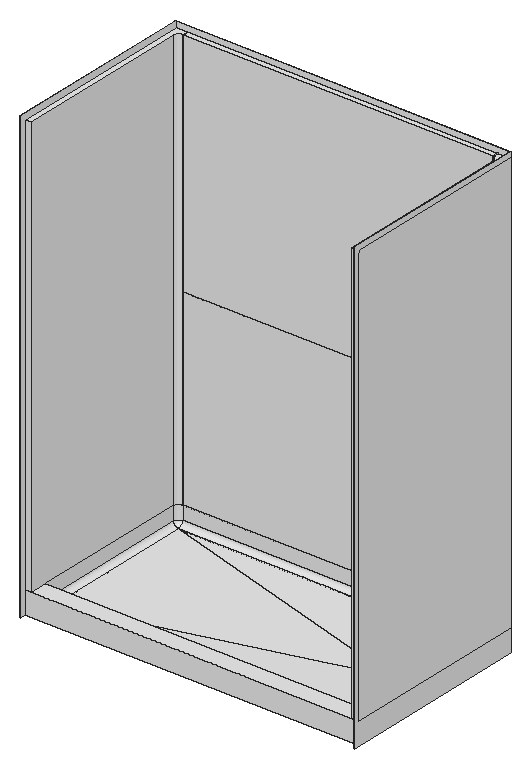
Revit family "5LDS6034FBSQ.V2 L-R", category Plumbing Fixtures, Revit 2019
Family settings
  Round Connector Dimension = Use Diameter
  Part Type = Normal
  OmniClass Number = 23.45.05.14.17
  OmniClass Title = Showers
  Work Plane-Based = No
  Always vertical = Yes
  Cut with Voids When Loaded = No
  Shared = No
  Room Calculation Point = No
Parameters (values of type "5LDS6034FBSQ.V2 L/R")
  Unit Width = 60"
  Unit Height = 80 1/2"
  Unit Depth = 35"
  URL = "http://www.bestbath.com/"
  Type Comments = "Remodeler"
  Model = "5LDS6034FBSQ.V2 L/R"
  Material [instance] = Best Bath Gelcoat Fiberglass - Smooth
  Manufacturer = "Best Bath Systems, Inc."
  Keynote = "22 40 00.B3"
  Description = "Diamond Tile Finish"
  Assembly Code = "D2010710"
Reference planes (in)
  plane 1 "Back": y = -0.5
  plane 2: z = 0
  plane 3 "Left": x = 0
  plane 4: x = 60
  plane 5: z = 4
  plane 6: x = 51.5
  plane 7: y = 33.5
  plane 8: y = 17.5
  plane 9: x = 1.25
  plane 10: x = 58.75
  plane 11: y = 32.25
  plane 12: z = 0.625
  plane 13: z = 0.25
  plane 14: y = -1.5
  plane 15: z = 5
  plane 16: z = 38.25
  plane 17: z = 42
  plane 18: z = 80.5
Forms (in)
  Extrusion 1, solid, material "Best Bath Gelcoat Fiberglass - Smooth"
    sketch origin (0, 0, 0) x (1, 0, 0) y (0, 1, 0)
      loop
        line (0, -0.5) -> (1.25, -0.5) -> (1.25, 31.25)
        arc (1.25, 31.25) -> (1.54289, 31.95711) -> (2.25, 32.25) r 1
        line (2.25, 32.25) -> (57.75, 32.25)
        arc (57.75, 32.25) -> (58.45711, 31.95711) -> (58.75, 31.25) r 1
        line (58.75, 31.25) -> (58.75, -0.5) -> (60, -0.5) -> (60, 33.5) -> (0, 33.5) -> (0, -0.5)
    from 0 to 4
  Extrusion 2, solid, material "Best Bath Gelcoat Fiberglass - Smooth"
    sketch origin (0, 0, 0) x (1, 0, 0) y (0, 1, 0)
      loop
        line (0, -0.5) -> (60, -0.5) -> (60, 33.5) -> (0, 33.5) -> (0, -0.5)
    from 0 to 0.625
  Sweep 3, solid, material "Best Bath Gelcoat Fiberglass - Smooth"
    path origin (0, 0, 0) x (1, 0, 0) y (0, 1, 0)
      loop
        line (58.75, -0.5) -> (58.75, 31.25)
        arc (58.75, 31.25) -> (58.45711, 31.95711) -> (57.75, 32.25) r 1
        line (57.75, 32.25) -> (2.25, 32.25)
        arc (2.25, 32.25) -> (1.54289, 31.95711) -> (1.25, 31.25) r 1
        line (1.25, 31.25) -> (1.25, -0.5)
    profile origin (1.25, 15.375, 0) x (1, 0, 0) y (0, 0, 1)
      loop
        line (0, 0.625) -> (0.9, 0.625)
        arc (0.9, 0.625) -> (0.2636, 0.8886) -> (0, 1.525) r 0.9
        line (0, 1.525) -> (0, 0.625)
  Blend 4, void
    base sketch origin (0, 0, 0) x (1, 0, 0) y (0, 1, 0)
      loop
        line (2.25, 3.5147) -> (57.75, 3.5147) -> (57.75, 31.25) -> (2.25, 31.25) -> (2.25, 3.5147)
    top sketch origin (0, 0, 0) x (1, 0, 0) y (0, 1, 0)
      loop
        circle (51.5, 17.5) r 0.10467
    from 0.625 to 0.25
  Sweep 5, solid, material "Best Bath Gelcoat Fiberglass - Smooth"
    path origin (0, 0, 0) x (1, 0, 0) y (0, 1, 0)
      loop
        line (1.25, -0.5) -> (58.75, -0.5)
    profile origin (30, -0.5, 0) x (0, 1, 0) y (0, 0, 1)
      loop
        line (0, 4) -> (0, 0) -> (4.11592, 0) -> (3.00305, 4) -> (0, 4)
  Extrusion 6, solid, material "Best Bath Gelcoat Fiberglass - Smooth"
    sketch origin (0, 0, 0) x (1, 0, 0) y (0, 1, 0)
      loop
        line (0, -1.5) -> (0.125, -1.5) -> (0.125, 33.375) -> (59.875, 33.375) -> (59.875, -1.5) -> (60, -1.5) -> (60, 33.5) -> (0, 33.5) -> (0, -1.5)
    from 5 to 80.5
  Extrusion 7, void
    sketch origin (0, 6, 0.625) x (0, 1, 0) y (1, 0, 0)
      loop
        line (15.5, 49) -> (15.5, 54) -> (7.5, 54) -> (7.5, 49) -> (15.5, 49)
    from 0 to 0.5
  Extrusion 8, void
    sketch origin (21.5, -4, 0.625) x (0, 1, 0) y (1, 0, 0)
      loop
        circle (19.5, 30) r 1.75
    from 0 to 1.25
  Extrusion 9, solid
    sketch origin (0.25, 2, 0.125) x (0, 1, 0) y (-1, 0, 0)
      loop
        line (19.5, -48.75) -> (11.5, -48.75) -> (11.5, -53.75) -> (19.5, -53.75) -> (19.5, -48.75)
    from 0 to 0.25
  Extrusion 10, solid, material "Best Bath Gelcoat Fiberglass - Smooth"
    sketch origin (0, -0.86165, 0) x (1, 0, 0) y (0, 1, 0)
      loop
        line (2.25, 34.36165) -> (2.25, 33.11165) -> (57.75, 33.11165) -> (57.75, 34.36165) -> (2.25, 34.36165)
    from 4 to 38.25
  Extrusion 11, solid, material "Best Bath Gelcoat Fiberglass - Smooth"
    sketch origin (0, -0.86165, 0) x (1, 0, 0) y (0, 1, 0)
      loop
        line (2.25, 34.36165) -> (2.25, 33.11165) -> (57.75, 33.11165) -> (57.75, 34.36165) -> (2.25, 34.36165)
    from 38.25 to 79.5
  Extrusion 12, solid, material "Best Bath Gelcoat Fiberglass - Smooth"
    sketch origin (0.25, -0.86165, 0) x (1, 0, 0) y (0, 1, 0)
      loop
        line (-0.25, 0.36165) -> (1, 0.36165) -> (1, 32.11165)
        arc (1, 32.11165) -> (1.29289, 32.81875) -> (2, 33.11165) r 1
        line (2, 33.11165) -> (2, 34.36165) -> (-0.25, 34.36165) -> (-0.25, 0.36165)
      loop
        line (59.75, 0.36165) -> (59.75, 34.36165) -> (57.5, 34.36165) -> (57.5, 33.11165)
        arc (57.5, 33.11165) -> (58.20711, 32.81875) -> (58.5, 32.11165) r 1
        line (58.5, 32.11165) -> (58.5, 0.36165) -> (59.75, 0.36165)
    from 4 to 79.5
  Extrusion 13, solid, material "Best Bath Gelcoat Fiberglass - Smooth"
    sketch origin (0, 0, 0) x (1, 0, 0) y (0, 1, 0)
      loop
        line (0, 33.5) -> (0, -1.5) -> (0.125, -1.5) -> (0.125, 33.375) -> (59.875, 33.375) -> (59.875, -1.5) -> (60, -1.5) -> (60, 33.5) -> (0, 33.5)
    from 0 to 5
Cuts and joins
  Blend 4, Extrusion 7, Extrusion 8 cuts Extrusion 1
  Blend 4, Extrusion 7, Extrusion 8 cuts Extrusion 2
  Blend 4, Extrusion 7, Extrusion 8 cuts Sweep 3
  Extrusion 7, Extrusion 8 cuts Sweep 5
  Extrusion 7, Extrusion 8 cuts Extrusion 6
  joined: Extrusion 1, Extrusion 2, Sweep 3, Sweep 5, Extrusion 6, Extrusion 13
Dimensions and locks (in)
  "Unit Width": plane 3 "Left" to plane 4
  locked: plane 7 to plane 11 at 1.25
  locked: plane 10 to plane 4 at 1.25
  locked: plane 3 "Left" to plane 9 at 1.25
  plane 7 to plane 8 = 16"
  locked: plane 12 to plane 13 at 0.375
  locked: plane 12 to level at 0.625
  locked: plane 14 to plane 1 "Back" at 1
  "Unit Depth": plane 7 to plane 14
  "Unit Height": plane 18 to level
  locked: plane 16 to plane 5 at 34.25
  locked: plane 17 to plane 5 at 38
  plane 6 to plane 4 = 8 1/2"
  aligned and locked: level to plane 2
  aligned and locked: Sweep 3 to plane 12
  aligned and locked: Sweep 3 sketch curve to plane 12
  aligned and locked: Extrusion 2 to plane 12
  aligned and locked: plane 8 to Blend 4 sketch curve
  aligned and locked: plane 6 to Blend 4 sketch curve
  aligned and locked: Extrusion 2 to Blend 4
  aligned and locked: Blend 4 to plane 13
  aligned and locked: plane 5 to Extrusion 1
  aligned and locked: plane 5 to Sweep 5
  aligned and locked: Extrusion 9 to cut or joined group 1 (Extrusion 1, Extrusion 2, Sweep 3, Blend 4, Sweep 5, Extrusion 6, Extrusion 7, Extrusion 8, Extrusion 13)  (x3)
  aligned and locked: cut or joined group 1 to Extrusion 9
  aligned and locked: Extrusion 11 to Extrusion 10
  aligned and locked: Extrusion 13 to Extrusion 6
  aligned and locked: plane 18 to Extrusion 6
  aligned and locked: Extrusion 10 to Extrusion 11
  aligned and locked: Extrusion 11 to cut or joined group 1
  aligned and locked: Extrusion 11 to plane 16
Automatic sketch dimensions
  Extrusion 1 sketch curve to plane 3 "Left" = 0"
  Extrusion 1 sketch curve to plane 9 = 0"
  Extrusion 1 sketch curve to plane 11 = 0"
  plane 1 "Back" to Extrusion 1 sketch curve = 0"  (x2)
  Extrusion 1 sketch curve to plane 10 = 0"
  Extrusion 1 sketch curve to plane 4 = 0"
  Extrusion 1 sketch curve to plane 7 = 0"
  plane 9 to Extrusion 1 sketch curve = 1"
  Extrusion 1 sketch curve to plane 10 = 1"
  Extrusion 2 sketch curve to plane 3 "Left" = 0"
  Extrusion 2 sketch curve to plane 4 = 0"
  plane 1 "Back" to Extrusion 2 sketch curve = 0"
  Extrusion 2 sketch curve to plane 7 = 0"
  plane 1 "Back" to Sweep 3 sketch curve = 0"  (x2)
  Sweep 3 sketch curve to plane 9 = 0"
  Sweep 3 sketch curve to plane 11 = 0"
  Sweep 3 sketch curve to plane 10 = 0"
  plane 9 to Sweep 3 sketch curve = 1"
  Sweep 3 sketch curve to Sweep 3 sketch curve = 1"
  profile plane to Sweep 3 sketch curve = 0"
  Sweep 3 sketch curve to profile plane = 0.9"
  plane 9 to Blend 4 sketch curve = 1"
  Blend 4 sketch curve to plane 10 = 1"
  Blend 4 sketch curve to plane 1 "Back" = 4.0147"
  Blend 4 sketch curve to plane 11 = 1"
  plane 1 "Back" to Sweep 5 sketch curve = 0"
  Sweep 5 sketch curve to plane 9 = 0"
  Sweep 5 sketch curve to plane 10 = 0"
  Sweep 5 sketch curve to level = 0"
  Sweep 5 sketch curve to profile plane = 0"
  Sweep 5 sketch curve to Sweep 5 sketch curve = 3.00305"
  Sweep 5 sketch curve to Sweep 5 sketch curve = 4.11592"
  level to Sweep 5 sketch curve = 4"
  Extrusion 6 sketch curve to plane 3 "Left" = 0"
  Extrusion 6 sketch curve to plane 14 = 0"  (x2)
  Extrusion 6 sketch curve to plane 4 = 0"
  Extrusion 6 sketch curve to plane 7 = 0"
  plane 3 "Left" to Extrusion 6 sketch curve = 1/8"
  plane 4 to Extrusion 6 sketch curve = 1/8"
  Extrusion 6 sketch curve to plane 7 = 1/8"
  Extrusion 7 sketch curve to Extrusion 2 = 14"
  Extrusion 7 sketch curve to Extrusion 7 sketch curve = 8"
  Extrusion 7 sketch curve to Extrusion 2 = 6"
  Extrusion 7 sketch curve to Extrusion 7 sketch curve = 5"
  Extrusion 8 sketch curve to Extrusion 2 = 8 1/2"
  Extrusion 8 sketch curve to Extrusion 2 = 18"
  Extrusion 9 sketch curve to Extrusion 7 = 0"  (x4)
  Extrusion 10 sketch curve to plane 11 = 0"
  Extrusion 10 sketch curve to plane 7 = 0"
  plane 9 to Extrusion 10 sketch curve = 1"
  Extrusion 10 sketch curve to plane 10 = 1"
  Extrusion 11 sketch curve to plane 11 = 0"
  Extrusion 11 sketch curve to plane 7 = 0"
  plane 9 to Extrusion 11 sketch curve = 1"
  Extrusion 11 sketch curve to plane 10 = 1"
  Extrusion 12 sketch curve to plane 3 "Left" = 0"
  plane 1 "Back" to Extrusion 12 sketch curve = 0"  (x2)
  Extrusion 12 sketch curve to plane 9 = 0"
  Extrusion 12 sketch curve to plane 11 = 0"  (x2)
  Extrusion 12 sketch curve to plane 7 = 0"  (x2)
  Extrusion 12 sketch curve to plane 10 = 0"
  Extrusion 12 sketch curve to plane 4 = 0"
  Extrusion 12 sketch curve to Extrusion 12 sketch curve = 1"
  Extrusion 12 sketch curve to plane 10 = 1"
  Extrusion 13 sketch curve to plane 3 "Left" = 0"
  Extrusion 13 sketch curve to plane 14 = 0"  (x2)
  Extrusion 13 sketch curve to plane 4 = 0"
  Extrusion 13 sketch curve to plane 7 = 0"
  plane 3 "Left" to Extrusion 13 sketch curve = 1/8"
  plane 4 to Extrusion 13 sketch curve = 1/8"
  Extrusion 13 sketch curve to plane 7 = 1/8"
  radius of Blend 4 sketch curve = 0.10467"
  radius of Extrusion 8 sketch curve = 1 3/4"
